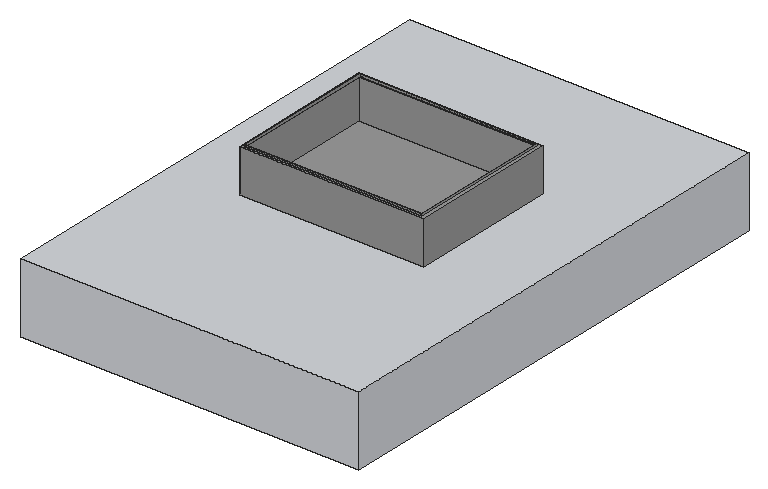
Revit family "Hager-Univers-IP30-D205-H650-Cl.II-Encl-CH-fr", category Equipement électrique, Revit 2020
Family settings
  Hôte = Face
  Configuration du panneau = Deux colonnes, circuits au sein
  Cote de connecteur circulaire = Utiliser le diamètre
  Type d'élément = Tableau de raccordement
  Couper avec des vides une fois chargée = Non
  Partagée = Non
  Point de calcul de pièce = Non
Parameters (values of type "saillie IP30 L800 H650 P205  - FP43Q1S")
  Width Control [instance] = if([EF000008 - largeur] > Min Width, [EF000008 - largeur], Min Width)  # 800 mm
  Commentaires du type = [HG000003 - Gamme]  # "Univers"
  Thickness Door [instance] = if([EF009171 - épaisseur de matériau de la porte/du couvercle] > 3 mm, 3 mm, [EF009171 - épaisseur de matériau de la porte/du couvercle])  # 1 mm
  Seal Frame Offset [instance] = 17 mm  # constant formula
  Plinth Visibility [instance] = [HG000027 - Hauteur du socle] > 0 mm  # no
  Model = ""
  Min Width [instance] = 100 mm  # constant formula
  Min Height [instance] = 100 mm  # constant formula
  Min Depth [instance] = (2 * [EF009170 - épaisseur de matériau du boîtier]) + 1 mm  # 3 mm
  Internal Frame Depth [instance] = (Door System Depth * 0.5)  # 9 mm
  Height Control [instance] = if([EF000040 - hauteur] > Min Height, [EF000040 - hauteur], Min Height)  # 650 mm
  HG000027 - Hauteur du socle = 0 mm
  HG000026 - Installation au sol = no
  HG000024 - Hauteur de la section basse = 800 mm
  HG000023 - Armoire double section = no
  HG000016 - Visibilité de la porte 3D [instance] = yes
  HG000015 - Visibilité de l'emprise de la porte [instance] = no
  HG000014 - Porte à droite [instance] = yes
  HG000013 - Porte à gauche [instance] = not([HG000014 - Porte à droite])  # no
  HG000012 - Angle de pivotement de la porte [instance] = 30.00°
  HG000010 - Portes asymétriques = no
  HG000009 - Porte à double battant = no
  HG000006 - Encastré = no
  HG000004 - Référence fabricant = "FP43Q1S"
  HG000003 - Gamme = "Univers"
  HG000002 - avec porte = no
  Frame Offset Bottom [instance] = 10 mm  # constant formula
  Frame Offset [instance] = 15 mm  # constant formula
  EF015940 - couvercle avec décharge de pression = no
  EF011959 - degré de protection (NEMA) = ""
  EF009554 - nombre d'ouvertures pour plaques à bride = 6
  Fabricant = "Hager"  # constant formula
  EF009212 - finition du couvercle = "EV009916 - avec échancrure"
  EF009171 - épaisseur de matériau de la porte/du couvercle = 1 mm
  EF009170 - épaisseur de matériau du boîtier = 1 mm
  EF008873 - courant nominal (In) = 250 A
  EF007800 - adapté à un parafoudre = no
  EF006306 - avec serrure = no
  EF006244 - couvercle/porte transparent(e) = no
  EF005474 - indice de protection (IP) = "EV006410 - IP30"
  EF004464 - type de porte = "EV000494 - sans"
  EF004427 - nombre de modules = 144
  EF004293 - indice de protection contre les chocs (IK) = "EV006813 - IK07"
  EF003532 - convient pour utilisation à l’extérieur = no
  EF002950 - largeur en nombre de modules = 36
  EF001613 - maintien de fonction = "EV000494 - sans"
  EF001596 - matériau du boîtier/corps = "EV000179 - acier"
  EF001131 - profondeur intérieure = 130 mm
  EF001088 - possibilité de montage en saillie = yes
  EF000437 - nombre d'entrées de conduit = 6
  EF000339 - type de capot = "EV000494 - sans"
  EF000266 - nombre de rangées = 4
  EF000218 - profondeur d'encastrement = 0 mm
  EF000118 - avec cadre/support de montage = no
  EF000116 - numéro RAL = "9010"
  EF000049 - profondeur = 205 mm
  EF000040 - hauteur = 650 mm
  EF000008 - largeur = 800 mm
  EF000007 - couleur = "EV000202 - blanc"
  EF000003 - mode de pose = "EV000384 - saillie"
  Door System Leaf Tolerance [instance] = 1.5 mm  # constant formula
  Door System Depth [instance] = 18 mm  # constant formula
  Door Height [instance] = Height Control - [HG000027 - Hauteur du socle]  # 650 mm
  Depth Control [instance] = if([EF000049 - profondeur] > Min Depth, [EF000049 - profondeur], Min Depth)  # 205 mm
  Default Elevation = 0 mm
  Connector Offset [instance] = Height Control / 2  # 325 mm
  Bottom Top Plate Trim [instance] = 1.5 mm  # constant formula
  Plinth height Ctrl [instance] = if([HG000027 - Hauteur du socle] > 0 mm, [HG000027 - Hauteur du socle], 12 mm)  # 12 mm
Types (5, lengths in mm): name | Width Control | HG000004 - Référence fabricant | EF009554 - nombre d'ouvertures pour plaques à bride | EF004427 - nombre de modules | EF002950 - largeur en nombre de modules | EF000437 - nombre d'entrées de conduit | EF000008 - largeur
  saillie IP30 L1050 H650 P205  - FP44Q1S | 1050 | "FP44Q1S" | 8 | 192 | 48 | 8 | 1050
  saillie IP30 L1300 H650 P205  - FP45Q1S | 1300 | "FP45Q1S" | 10 | 240 | 60 | 10 | 1300
  saillie IP30 L300 H650 P205  - FP41Q1S | 300 | "FP41Q1S" | 2 | 48 | 12 | 2 | 300
  saillie IP30 L550 H650 P205  - FP42Q1S | 550 | "FP42Q1S" | 4 | 96 | 24 | 4 | 550
  saillie IP30 L800 H650 P205  - FP43Q1S | 800 | "FP43Q1S" | 6 | 144 | 36 | 6 | 800
Reference planes
  plane 1 "Center (Front/Back)": y = 0
  plane 2: z = 0
  plane 3 "Center (Left/Right)": x = 0
  plane 4: z = 205
  plane 5: y = 1
  plane 6: y = 325
  plane 7: y = 0
  plane 8: y = 650
  plane 9: z = 0
  plane 10: x = -385
  plane 11: x = 385
  plane 12: x = 384
  plane 13: x = -384
  plane 14: y = 649
  plane 15: x = -383
  plane 16: x = -400
  plane 17: x = 383
  plane 18: x = 400
  plane 19: x = 399
  plane 20: x = -399
  plane 21: y = 11
  plane 22: y = 650
  plane 23: y = 634
  plane 24: z = 187
  plane 25: z = 1
  plane 26: z = 186
  plane 27: z = 204
Forms (mm)
  Extrusion 1, solid
    sketch origin (0, 0, 0) x (1, 0, 0) y (0, 1, 0)
      loop
        line (-702.964, 1305) -> (-702.964, -811.445) -> (766.763, -811.445) -> (766.763, 1305) -> (-702.964, 1305)
    from 0 to -304.8
  Extrusion 2, solid, material "Hager_Steel_RAL7035_Light_Grey", visible <- "Plinth Visibility", detail levels medium+fine
    sketch origin (0, 0, 0) x (1, 0, 0) y (0, 1, 0)
      loop
        line (-400, 0) -> (400, 0) -> (400, 12) -> (-400, 12) -> (-400, 0)
    from 0 to 187
  Extrusion 3, solid, material "Hager_Steel_RAL7035_Light_Grey", detail levels medium+fine
    sketch origin (0, 0, 0) x (1, 0, 0) y (0, 1, 0)
      loop
        line (-400, 0) -> (400, 0) -> (400, 650) -> (-400, 650) -> (-400, 0)
    from 0 to 187
  Extrusion 4, void
    sketch origin (0, 0, 0) x (1, 0, 0) y (0, 1, 0)
      loop
        line (-399, 1) -> (399, 1) -> (399, 649) -> (-399, 649) -> (-399, 1)
    from 1 to 186
  Extrusion 5, void
    sketch origin (-381.607, -4572, 187) x (0, -1, 0) y (-1, 0, 0)
      loop
        line (-4583, 2.393) -> (-5206, 2.393) -> (-5206, -765.607) -> (-4583, -765.607) -> (-4583, 2.393)
    from 0 to 1 <- "EF009170 - épaisseur de matériau du boîtier"
  Extrusion 6, solid, material "Hager_Steel_RAL7035_Light_Grey", detail levels fine
    sketch origin (0, 0, 187) x (1, 0, 0) y (0, 1, 0)
      loop
        line (-384, 634) -> (-384, 11) -> (384, 11) -> (384, 634) -> (-384, 634)
      loop
        line (-385, 10) -> (385, 10) -> (385, 635) -> (-385, 635) -> (-385, 10)
    from 0 to 9 <- "Internal Frame Depth"
  Extrusion 7, solid, material "Hager_Steel_RAL7035_Light_Grey", detail levels coarse
    sketch origin (0, 0, 0) x (1, 0, 0) y (0, 1, 0)
      loop
        line (-400, 0) -> (400, 0) -> (400, 650) -> (-400, 650) -> (-400, 0)
    from 0 to 205
  Sweep 8, void
    path in 3D
      loop
        line (-400, 12, 0) -> (400, 12, 0) -> (400, 12, 187) -> (-400, 12, 187) -> (-400, 12, 0)
    profile origin (-400, 12, 93.5) x (-1, 0, 0) y (0, -1, 0)
      loop
        line (0, 0) -> (0, 1.5) -> (-1.5, 1.5)
        arc (-1.5, 1.5) -> (-1.061, 0.439) -> (0, 0) r 1.5
Cuts and joins
  Extrusion 4, Extrusion 5 cuts Extrusion 3
  Sweep 8 cuts Extrusion 2
Lines and regions (mm)
  Masking region 1
    outline origin (0, 0, 0) x (1, 0, 0) y (0, 0, 1)
      loop
        line (-400, 205) -> (-400, 0) -> (400, 0) -> (400, 205) -> (-400, 205)
  Masking region 2, detail levels medium+fine
    outline origin (0, 140, 0) x (0, 1, 0) y (0, 0, 1)
      loop
        line (-140, 0) -> (510, 0) -> (510, 187) -> (-140, 187) -> (-140, 0)
  Masking region 3, not visible, detail levels medium+fine
    outline origin (0, 297.922, 0) x (0, 1, 0) y (0, 0, 1)
      loop
        line (38.578, 0) -> (78.578, 0) -> (78.578, 194)
        arc (78.578, 194) -> (75.649, 201.071) -> (68.578, 204) r 10
        line (68.578, 204) -> (38.578, 204) -> (38.578, 0)
  Masking region 4, detail levels coarse
    outline origin (0, 0, 180) x (0, 1, 0) y (0, 0, 1)
      loop
        line (0, -180) -> (650, -180) -> (650, 25) -> (0, 25) -> (0, -180)
  Masking region 5, visible <- "Plinth Visibility", detail levels medium+fine
    outline origin (0, 52.24, 12.345) x (0, 0, -1) y (0, 1, 0)
      loop
        line (10.845, -40.24) -> (-173.155, -40.24)
        arc (-173.155, -40.24) -> (-173.594, -41.301) -> (-174.655, -41.74) r 1.5
        line (-174.655, -41.74) -> (-174.655, -52.24) -> (12.345, -52.24) -> (12.345, -41.74)
        arc (12.345, -41.74) -> (11.285, -41.301) -> (10.845, -40.24) r 1.5
  Masking region 6, detail levels medium+fine
    outline origin (-381.607, -4572, 187) x (-1, 0, 0) y (0, -1, 0)
      loop
        line (18.393, -5222) -> (18.393, -4572) -> (-781.607, -4572) -> (-781.607, -5222) -> (18.393, -5222)
  Masking region 7, visible <- "Plinth Visibility", detail levels medium+fine
    outline origin (-381.607, -4727, 187) x (-1, 0, 0) y (0, -1, 0)
      loop
        arc (16.893, -4739) -> (17.332, -4737.939) -> (18.393, -4737.5) r 1.5
        line (18.393, -4737.5) -> (18.393, -4727) -> (-781.607, -4727) -> (-781.607, -4737.5)
        arc (-781.607, -4737.5) -> (-780.546, -4737.939) -> (-780.107, -4739) r 1.5
        line (-780.107, -4739) -> (16.893, -4739)
  Masking region 8, detail levels coarse
    outline origin (-442.548, -4669.526, 187) x (-1, 0, 0) y (0, -1, 0)
      loop
        line (-42.548, -5319.526) -> (-42.548, -4669.526) -> (-842.548, -4669.526) -> (-842.548, -5319.526) -> (-42.548, -5319.526)
  sketch lines
    curve 1: line (-400, 12, 187) -> (-400, 12, 0)
    curve 2: line (400, 12, 187) -> (-400, 12, 187)
    curve 3: line (400, 12, 187) -> (400, 12, 0)
    curve 4: line (-400, 12, 0) -> (400, 12, 0)
Dimensions and locks
  "Depth Control": plane 4 to Extrusion 1
  "HG000027 - Hauteur du socle": plane 1 "Center (Front/Back)" to plane 7
  "EF009170 - épaisseur de matériau du boîtier": plane 5 to plane 7
  locked: connector elem to plane 3 "Center (Left/Right)"
  equal spacing: plane 8, plane 6, plane 7
  locked: connector elem to plane 6
  "EF009170 - épaisseur de matériau du boîtier": plane 8 to plane 14
  "EF009170 - épaisseur de matériau du boîtier": plane 10 to plane 13
  "EF009170 - épaisseur de matériau du boîtier": plane 12 to plane 11
  "Frame Offset": plane 20 to plane 13
  "Frame Offset": plane 12 to plane 19
  "EF009170 - épaisseur de matériau du boîtier": plane 16 to plane 20
  "EF009170 - épaisseur de matériau du boîtier": plane 19 to plane 18
  "Seal Frame Offset": plane 16 to plane 15
  "Seal Frame Offset": plane 17 to plane 18
  "Frame Offset Bottom": plane 21 to plane 5
  "Frame Offset": plane 14 to plane 23
  equal spacing: plane 16, plane 3 "Center (Left/Right)", plane 18
  "Width Control": plane 16 to plane 18
  "EF009170 - épaisseur de matériau du boîtier": plane 4 to plane 27
  "EF009170 - épaisseur de matériau du boîtier": plane 24 to plane 26
  "EF009170 - épaisseur de matériau du boîtier": plane 25 to level
  "Door System Depth": plane 4 to plane 24
  "Height Control": plane 1 "Center (Front/Back)" to Extrusion 7 sketch curve
  "Height Control": Masking region 4 sketch curve to plane 1 "Center (Front/Back)"
  "Height Control": plane 1 "Center (Front/Back)" to plane 22
  "Bottom Top Plate Trim": profile plane to Sweep 8 sketch curve
  "Bottom Top Plate Trim": Sweep 8 sketch curve to profile plane
  "Plinth height Ctrl": plane 1 "Center (Front/Back)" to Extrusion 2 sketch curve
  "Plinth height Ctrl": Masking region 5 sketch curve to plane 1 "Center (Front/Back)"
  "Plinth height Ctrl": plane 1 "Center (Front/Back)" to Masking region 7 sketch curve
  "Thickness Door": Extrusion 6 sketch curve to Extrusion 6 sketch curve  (x3)
  "Thickness Door": cut or joined group of Extrusion 3, Extrusion 4, Extrusion 5 to Extrusion 6 sketch curve
  radius of Masking region 3 sketch curve = 10 mm
  "Bottom Top Plate Trim": radius of Masking region 5 sketch curve  (x2)
  "Bottom Top Plate Trim": radius of Sweep 8 sketch curve
  "Bottom Top Plate Trim": radius of Masking region 7 sketch curve  (x2)
  aligned and locked: plane 2 to Extrusion 1
  aligned and locked: level to Extrusion 1
  aligned and locked: level to Masking region 1 sketch curve
  aligned and locked: Masking region 1 sketch curve to plane 18
  aligned and locked: Masking region 1 sketch curve to plane 16
  aligned and locked: plane 7 to Masking region 2 sketch curve
  aligned and locked: level to Masking region 3 sketch curve
  aligned and locked: Masking region 3 sketch curve to plane 27
  aligned and locked: level to Masking region 2 sketch curve
  aligned and locked: plane 1 "Center (Front/Back)" to Extrusion 2 sketch curve
  aligned and locked: Extrusion 3 sketch curve to plane 7
  aligned and locked: plane 16 to Extrusion 3 sketch curve
  aligned and locked: plane 18 to Extrusion 3 sketch curve
  aligned and locked: plane 20 to Extrusion 4 sketch curve
  aligned and locked: plane 19 to Extrusion 4 sketch curve
  aligned and locked: Extrusion 4 sketch curve to plane 5
  aligned and locked: Extrusion 4 to plane 25
  aligned and locked: plane 26 to Extrusion 4
  aligned and locked: plane 24 to Extrusion 3
  aligned and locked: Extrusion 5 sketch curve to plane 21
  aligned and locked: Extrusion 5 sketch curve to plane 13
  aligned and locked: Extrusion 5 sketch curve to plane 12
  aligned and locked: plane 18 to Extrusion 7 sketch curve
  aligned and locked: plane 1 "Center (Front/Back)" to Extrusion 7 sketch curve
  aligned and locked: plane 16 to Extrusion 7 sketch curve
  aligned and locked: plane 4 to Extrusion 7
  aligned and locked: Extrusion 7 to level
  aligned and locked: level to Masking region 4 sketch curve
  aligned and locked: Masking region 4 sketch curve to plane 1 "Center (Front/Back)"
  aligned and locked: Masking region 4 sketch curve to plane 4
  aligned and locked: nested 1 to level
  aligned and locked: nested 1 to plane 16
  aligned and locked: plane 8 to Extrusion 3 sketch curve
  aligned and locked: plane 23 to Extrusion 5 sketch curve
  aligned and locked: plane 14 to Extrusion 4 sketch curve
  aligned and locked: Masking region 2 sketch curve to plane 8
  aligned and locked: level to Masking region 5 sketch curve
  aligned and locked: plane 16 to Extrusion 2 sketch curve
  aligned and locked: plane 18 to Extrusion 2 sketch curve
  aligned and locked: Masking region 5 sketch curve to plane 24
  aligned and locked: Masking region 2 sketch curve to plane 24
  aligned and locked: plane 24 to Extrusion 2
  aligned and locked: profile plane to Sweep 8 sketch curve  (x2)
  aligned and locked: Masking region 6 sketch curve to plane 18
  aligned and locked: Masking region 6 sketch curve to plane 22
  aligned and locked: Masking region 6 sketch curve to plane 16
  aligned and locked: plane 8 to plane 22
  aligned and locked: Masking region 6 sketch curve to plane 7
  aligned and locked: Masking region 7 sketch curve to plane 16
  aligned and locked: Masking region 7 sketch curve to plane 1 "Center (Front/Back)"
  aligned and locked: Masking region 7 sketch curve to plane 18
  aligned and locked: Masking region 8 sketch curve to plane 1 "Center (Front/Back)"
  aligned and locked: Masking region 8 sketch curve to plane 18
  aligned and locked: Masking region 8 sketch curve to plane 22
  aligned and locked: Masking region 8 sketch curve to plane 16
  aligned and locked: nested 2 to plane 7
  aligned and locked: plane 3 "Center (Left/Right)" to nested 2
  aligned and locked: nested 2 to plane 24
  aligned and locked: Extrusion 6 sketch curve to cut or joined group of Extrusion 3, Extrusion 4, Extrusion 5  (x4)
Automatic sketch dimensions
  Extrusion 1 sketch curve to Extrusion 1 sketch curve = 1469.727 mm
  Extrusion 1 sketch curve to Extrusion 1 sketch curve = 2116.445 mm
  Masking region 1 sketch curve to plane 4 = 0 mm
  plane 6 to Masking region 3 sketch curve = 11.5 mm
  Masking region 3 sketch curve to Masking region 3 sketch curve = 30 mm
  Masking region 5 sketch curve to plane 1 "Center (Front/Back)" = 0 mm
Nested families
  nested 1: "Hager_Enclosure_Symbol" at (-400, 0, 0) x (1, 0, 0) z (0, -1, 0), Height <- "Depth Control", Width <- "Width Control", type "Hager_Enclosure_Symbol"
    with Width_Ctrl 800 mm, Width 800 mm, Height_Ctrl 205 mm, Height 205 mm, A_Width_Int 13.453 mm, A_Width 161.438 mm, A_Height_Ctrl 179.375 mm, A_Height 179.375 mm
  nested 2: "EC000058_Univers_Door" at (0, 0, 187) x (1, 0, 0) z (0, 1, 0), Leaf_Tolerance <- "Door System Leaf Tolerance", Angle <- "HG000012 - Angle de pivotement de la porte", Door_Depth <- "Door System Depth", Door_Left <- "HG000013 - Porte à gauche", Transparent <- "EF006244 - couvercle/porte transparent(e)", Assymetrical <- "HG000010 - Portes asymétriques", Width <- "Width Control", Clearance <- "HG000015 - Visibilité de l'emprise de la porte", Double <- "HG000009 - Porte à double battant", 3d_Door <- "HG000016 - Visibilité de la porte 3D", Lock_Visibility <- "EF006306 - avec serrure", Width_Ctrl <- "Width Control", Door_Right <- "HG000014 - Porte à droite", Door <- "HG000002 - avec porte", Height <- "Door Height", Thickness <- "Thickness Door", type "EC000058_Univers_Door", detail levels medium+fine
    with min_wh 3 mm, Width_Ctrl 800 mm, Width 800 mm, Transparent no, Thickness 1 mm, Seal_Material Hager_Rubber, Lock_Visibility no, Lock_Material Hager_Plastic_RAL9005_Jet_Black, Leaf_Width 800 mm, Leaf_Tolerance_External_Sides 0 mm, Leaf_Tolerance 1.5 mm, Leaf_Offset 0 mm, Leaf_Height 647 mm, Leaf_2_Width 800 mm, Leaf_2_Offset 400 mm, Leaf_1_Width 800 mm, Leaf_1_Offset 400 mm, Height_Ctrl 650 mm, Height 650 mm, Glass_Material Hager_Glass, Double_Clearance_Ctrl no, Double no, Door_Right_Ctrl no, Door_Right yes, Door_Material Hager_Steel_RAL7035_Light_Grey, Door_Left_Ctrl no, Door_Left no, Door_Depth 18 mm, Door no, Clearance_Material Hager_Clearance, Clearance_Depth 800 mm, Clearance_Ctrl no, Clearance no, Assymetrical no, Angle 30.00°, 3d_Door yes
Connectors
  electrical at (0, 325, 0)
    settings: on plane 9, index 1, voltage 0 V, apparent load 0 VA, apparent load phase1 0 VA, apparent load phase2 0 VA, apparent load phase3 0 VA, power factor 1, load classification "Other", number of poles 1, system type 30, power factor state 1, is connector primary yes, connector utility no, sub classification motor no, connector description ""
Definition of nested family "Hager_Enclosure_Symbol"
  Parameters (values of type "Hager_Enclosure_Symbol")
    Width_Ctrl [instance] = if(Width > 1 mm, Width, 1 mm)  # 102.27 mm
    Width [instance] = 102.27 mm
    Height_Ctrl [instance] = if(Height > 1 mm, Height, 1 mm)  # 66.5 mm
    A_Width_Int [instance] = if(A_Width / 12 > 2 mm, A_Width / 12, 2 mm)  # 4.364 mm
    A_Width [instance] = if(A_Height_Ctrl * 0.9 > 2 mm, A_Height_Ctrl * 0.9, 2 mm)  # 52.369 mm
    A_Height_Ctrl [instance] = if(A_Height > 2 mm, A_Height, 2 mm)  # 58.188 mm
    Height [instance] = 66.5 mm
    A_Height [instance] = Height - (Height / 8)  # 58.188 mm
  Reference planes
    plane 1 "Centre (avant/arrière)": y = 0
    plane 2: z = 0
    plane 3 "Centre (gauche/droite)": x = 0
    plane 4: x = 52.369
    plane 5: y = 33.042
    plane 6: y = 41.77
    plane 7: y = 66.5
    plane 8: x = 26.184
    plane 9: y = 37.406
    plane 10: x = 102.27
    plane 11: y = 66.5
    plane 12: y = 8.313
  Lines and regions (mm)
    Filled region 1, type "Solid_Black", in view "Niveau de réf."
      outline origin (0, 0, 0) x (1, 0, 0) y (0, 1, 0)
        loop
          line (52.369, 66.5) -> (33.188, 54.536) -> (45.365, 45.006) -> (52.369, 66.5)
    Filled region 2, type "Solid_Black", in view "Niveau de réf."
      outline origin (0, 0, 0) x (1, 0, 0) y (0, 1, 0)
        loop
          line (0, 0) -> (102.27, 0) -> (102.27, 66.5) -> (0, 0)
    detail lines, in view "Niveau de réf."
      curve 1: line (0, 8.313, 0) -> (26.184, 41.77, 0)
      curve 2: line (26.184, 41.77, 0) -> (26.184, 33.042, 0)
      curve 3: line (26.184, 33.042, 0) -> (52.369, 66.5, 0)
  Dimensions and locks
    "A_Width": plane 3 "Centre (gauche/droite)" to plane 4
    equal spacing: plane 3 "Centre (gauche/droite)", plane 8, plane 4
    equal spacing: plane 6, plane 9, plane 5
    equal spacing: curve 3, Filled region 1 sketch curve, Filled region 1 sketch curve
    "Height_Ctrl": plane 1 "Centre (avant/arrière)" to plane 11
    "A_Height_Ctrl": plane 11 to plane 12
    equal spacing: plane 11, plane 9, plane 12
    "A_Width_Int": plane 6 to plane 9
    "Width_Ctrl": plane 3 "Centre (gauche/droite)" to plane 10
    angle Filled region 1 sketch curve to curve 3 = 20.00°
    angle curve 3 to Filled region 1 sketch curve = 20.00°
    locked: curve 3 to Filled region 1 sketch curve (angle 90.00°)
    aligned and locked: plane 10 to Filled region 2
    aligned and locked: plane 11 to Filled region 2 sketch curve
    aligned and locked: plane 10 to Filled region 2 sketch curve
    aligned and locked: plane 3 "Centre (gauche/droite)" to curve 1
    aligned and locked: plane 12 to curve 1
    aligned and locked: plane 7 to plane 11
  Automatic sketch dimensions
    Filled region 1 sketch curve to plane 4 = 0 mm
    Filled region 1 sketch curve to plane 7 = 0 mm
    plane 1 "Centre (avant/arrière)" to Filled region 2 sketch curve = 0 mm
    Filled region 2 sketch curve to plane 3 "Centre (gauche/droite)" = 0 mm
    curve 2 to plane 6 = 0 mm
    curve 2 to plane 8 = 0 mm
    curve 3 to plane 4 = 0 mm
    curve 2 to plane 5 = 0 mm
    curve 3 to plane 7 = 0 mm
Definition of nested family "EC000058_Univers_Door"
  Parameters (values of type "EC000058_Univers_Door")
    min_wh [instance] = (2 * Thickness) + 1 mm  # 11 mm
    Width_Ctrl [instance] = 400 mm
    Width [instance] = 500 mm
    Transparent [instance] = yes
    Thickness [instance] = 5 mm
    Seal_Material [instance] = none
    Lock_Visibility [instance] = yes
    Lock_Material [instance] = none
    Leaf_Width [instance] = if((Width_Ctrl - 2 * Leaf_Tolerance_External_Sides) > 0 mm, (Width_Ctrl - 2 * Leaf_Tolerance_External_Sides), min_wh)  # 400 mm
    Leaf_Tolerance_External_Sides [instance] = 0 mm  # constant formula
    Leaf_Tolerance [instance] = 1.5 mm
    Leaf_Offset [instance] = 0 mm  # constant formula
    Leaf_Height [instance] = if((Height_Ctrl - 2 * Leaf_Tolerance) > 0 mm, (Height_Ctrl - 2 * Leaf_Tolerance), min_wh)  # 497 mm
    Leaf_2_Width [instance] = if(and(and(Double, Assymetrical), Door_Left), (Leaf_Width / 3) - (Leaf_Tolerance / 2), if(and(and(Double, Assymetrical), Door_Right), (Leaf_Width / 3) * 2 - (Leaf_Tolerance / 2), if(and(Double, not(Assymetrical)), (Leaf_Width / 2) - Leaf_Tolerance, Leaf_Width)))  # 400 mm
    Leaf_2_Offset [instance] = if(and(Double, Assymetrical), Leaf_2_Width / 2, if(and(Double, not(Assymetrical)), Leaf_Width / 4, Leaf_Width / 2))  # 200 mm
    Leaf_1_Width [instance] = if(and(and(Double, Assymetrical), Door_Right), (Leaf_Width / 3) - (Leaf_Tolerance / 2), if(and(and(Double, Assymetrical), Door_Left), (Width / 3) * 2 - (Leaf_Tolerance / 2), if(and(Double, not(Assymetrical)), (Leaf_Width / 2) - Leaf_Tolerance, Leaf_Width)))  # 400 mm
    Leaf_1_Offset [instance] = if(and(Double, Assymetrical), Leaf_1_Width / 2, if(and(Double, not(Assymetrical)), Leaf_Width / 4, Leaf_Width / 2))  # 200 mm
    Height_Ctrl [instance] = if(Height > min_wh, Height, min_wh)  # 500 mm
    Height [instance] = 500 mm
    Glass_Material [instance] = none
    Double_Clearance_Ctrl [instance] = and(Double, Clearance)  # no
    Double [instance] = no
    Door_Right_Ctrl [instance] = and(or(Door_Right, Double), Door)  # yes
    Door_Right [instance] = yes
    Door_Material [instance] = none
    Door_Left_Ctrl [instance] = and(or(Door_Left, Double), Door)  # no
    Door_Left [instance] = no
    Door_Depth [instance] = 30 mm
    Door [instance] = yes
    Default Elevation = 1219.2 mm
    Clearance_Material [instance] = none
    Clearance_Depth [instance] = if(Leaf_1_Width > Leaf_2_Width, Leaf_1_Width, Leaf_2_Width)  # 400 mm
    Clearance_Ctrl [instance] = and(not(Double), Clearance)  # yes
    Clearance [instance] = yes
    Assymetrical [instance] = yes
    Angle [instance] = 30.00°
    3d_Door [instance] = yes
  Reference planes
    plane 1 "Center (Front/Back)": y = 0
    plane 2 "Bottom": z = 0
    plane 3 "Center (Left/Right)": x = 0
    plane 4: z = 500
    plane 5: x = -200
    plane 6: x = 200
    plane 7: z = 500
    plane 8: x = -200
    plane 9: z = 0
    plane 10: x = 200
    plane 11: y = 0
    plane 12: z = 1.5
    plane 13: x = -600
    plane 14: y = -400
    plane 15: x = 600
    plane 16: x = 0
    plane 17: x = 0
    plane 18: x = -200
    plane 19: x = 200
    plane 20: z = 498.5
  Forms (mm)
    Extrusion 1, solid, material <- "Clearance_Material", visible <- "Double_Clearance_Ctrl"
      sketch origin (1200, 0, 0) x (1, 0, 0) y (0, 0, -1)
        loop
          line (-1800, -498.5) -> (-600, -498.5) -> (-600, 0) -> (-1800, 0) -> (-1800, -498.5)
      from 0 to -400
  Dimensions and locks
    equal spacing: plane 5, plane 3 "Center (Left/Right)", plane 6
    "Width_Ctrl": plane 5 to plane 6
    "Leaf_Offset": plane 5 to plane 8
    "Leaf_Offset": plane 6 to plane 10
    "Leaf_Offset": plane 9 to level
    "Leaf_Offset": plane 4 to plane 7
    "Height_Ctrl": plane 4 to level
    "Leaf_Tolerance": plane 12 to plane 9
    locked: plane 11 to plane 1 "Center (Front/Back)"
    "Leaf_1_Offset": plane 18 to plane 16
    "Leaf_2_Offset": plane 17 to plane 19
    "Leaf_1_Width": plane 13 to plane 8
    "Leaf_2_Width": plane 10 to plane 15
    "Clearance_Depth": plane 14 to plane 1 "Center (Front/Back)"
    "Leaf_Tolerance_External_Sides": plane 8 to plane 18
    "Leaf_Tolerance_External_Sides": plane 19 to plane 10
    "Leaf_Tolerance": plane 7 to plane 20
    aligned and locked: level to plane 2 "Bottom"
    aligned and locked: nested 1 to plane 16
    aligned and locked: nested 2 to plane 17
    aligned and locked: Extrusion 1 to plane 13
    aligned and locked: plane 15 to Extrusion 1
    aligned and locked: Extrusion 1 to plane 14
    aligned and locked: plane 12 to nested 1
    aligned and locked: nested 2 to plane 12
    aligned and locked: Extrusion 1 to plane 11
    aligned and locked: plane 20 to Extrusion 1
    aligned and locked: nested 2 to plane 11
    aligned and locked: nested 1 to plane 11
  Automatic sketch dimensions
    Extrusion 1 sketch curve to level = 0 mm
    plane 5 to Extrusion 1 sketch curve = 400 mm
    plane 6 to Extrusion 1 sketch curve = 400 mm
    Extrusion 1 sketch curve to plane 4 = 1.5 mm
  Nested families
    nested 1: "EC000058_Univers_Door_Leaf" at (0, 0, 1.5), Width <- "Leaf_1_Width", visible <- "Door_Left_Ctrl", Leaf_Height <- "Leaf_Height", Angle <- "Angle", 3d_Door <- "3d_Door", Transparent <- "Transparent", Clearance Material <- "Clearance_Material", Clearance <- "Clearance_Ctrl", Door_Material <- "Door_Material", Glass_Material <- "Glass_Material", Door_Depth <- "Door_Depth", Lock_Material <- "Lock_Material", Seal_Material <- "Seal_Material", Lock_Visibility <- "Lock_Visibility", Thickness <- "Thickness", type "EC000058_Univers_Door_Leaf"
      with Width 400 mm, Transparent_Glass_Offset 30 mm, Transparent_Ctrl yes, Transparent yes, Thickness 5 mm, Standard no, Seal_Material none, Seal_D2 8 mm, Seal_D1 1 mm, Offset_Internal_Frame 10 mm, Lock_Width 20 mm, Lock_Visibility_3d yes, Lock_Visibility yes, Lock_Thickness_3 3 mm, Lock_Thickness_2 1 mm, Lock_Thickness_1 3 mm, Lock_Radius_Offset_2 16 mm, Lock_Radius_Offset_1 15 mm, Lock_Radius_2 5 mm, Lock_Radius 6 mm, Lock_Offset 5 mm, Lock_Material none, Lock_Height 80 mm, Lock_Cover_Top_Offset_2d 17 mm, Lock_Cover_Height -65 mm, Leaf_Height 497 mm, Internal_Seal_Thickness 8 mm, Internal_Seal_Depth_2 4.5 mm, Internal_Frame_Depth 25 mm, Glass_Thickness -1 mm, Glass_Offset -2 mm, Glass_Material none, Door_Material none, Door_Depth 30 mm, Clearance Material none, Clearance yes, Angle_Ctrl 30.00°, Angle 30.00°, 3d_Door yes
    nested 2: "EC000058_Univers_Door_Leaf" at (0, 0, 1.5) x (-1, 0, 0) z (0, 0, 1), Width <- "Leaf_2_Width", visible <- "Door_Right_Ctrl", Leaf_Height <- "Leaf_Height", Angle <- "Angle", 3d_Door <- "3d_Door", Transparent <- "Transparent", Clearance Material <- "Clearance_Material", Clearance <- "Clearance_Ctrl", Door_Material <- "Door_Material", Glass_Material <- "Glass_Material", Door_Depth <- "Door_Depth", Lock_Material <- "Lock_Material", Seal_Material <- "Seal_Material", Lock_Visibility <- "Lock_Visibility", Thickness <- "Thickness", type "EC000058_Univers_Door_Leaf"
      with Width 400 mm, Transparent_Glass_Offset 30 mm, Transparent_Ctrl yes, Transparent yes, Thickness 5 mm, Standard no, Seal_Material none, Seal_D2 8 mm, Seal_D1 1 mm, Offset_Internal_Frame 10 mm, Lock_Width 20 mm, Lock_Visibility_3d yes, Lock_Visibility yes, Lock_Thickness_3 3 mm, Lock_Thickness_2 1 mm, Lock_Thickness_1 3 mm, Lock_Radius_Offset_2 16 mm, Lock_Radius_Offset_1 15 mm, Lock_Radius_2 5 mm, Lock_Radius 6 mm, Lock_Offset 5 mm, Lock_Material none, Lock_Height 80 mm, Lock_Cover_Top_Offset_2d 17 mm, Lock_Cover_Height -65 mm, Leaf_Height 497 mm, Internal_Seal_Thickness 8 mm, Internal_Seal_Depth_2 4.5 mm, Internal_Frame_Depth 25 mm, Glass_Thickness -1 mm, Glass_Offset -2 mm, Glass_Material none, Door_Material none, Door_Depth 30 mm, Clearance Material none, Clearance yes, Angle_Ctrl 30.00°, Angle 30.00°, 3d_Door yes
  Definition of nested family "EC000058_Univers_Door_Leaf"
    Parameters (values of type "EC000058_Univers_Door_Leaf")
      Width [instance] = 2000 mm
      Transparent_Glass_Offset [instance] = 30 mm
      Transparent_Ctrl [instance] = and(Transparent, [3d_Door])  # yes
      Transparent [instance] = yes
      Thickness [instance] = 5 mm
      Standard [instance] = and(not(Transparent), [3d_Door])  # no
      Seal_Material [instance] = none
      Seal_D2 [instance] = 8 mm  # constant formula
      Seal_D1 [instance] = 1 mm  # constant formula
      Offset_Internal_Frame [instance] = 10 mm  # constant formula
      Lock_Width [instance] = 20 mm  # constant formula
      Lock_Visibility_3d [instance] = and(Lock_Visibility, [3d_Door])  # yes
      Lock_Visibility [instance] = yes
      Lock_Thickness_3 [instance] = 3 mm  # constant formula
      Lock_Thickness_2 [instance] = 1 mm  # constant formula
      Lock_Thickness_1 [instance] = 3 mm  # constant formula
      Lock_Radius_Offset_2 [instance] = Lock_Radius_Offset_1 + 1 mm  # 16 mm
      Lock_Radius_Offset_1 [instance] = 15 mm  # constant formula
      Lock_Radius_2 [instance] = Lock_Radius - 1 mm  # 5 mm
      Lock_Radius [instance] = 6 mm  # constant formula
      Lock_Offset [instance] = 5 mm  # constant formula
      Lock_Material [instance] = none
      Lock_Height [instance] = 80 mm  # constant formula
      Lock_Cover_Top_Offset_2d [instance] = Lock_Radius_Offset_2 + 1 mm  # 17 mm
      Lock_Cover_Height [instance] = -(Lock_Height - Lock_Radius_Offset_1)  # -65 mm
      Leaf_Height [instance] = 2720.336 mm
      Internal_Seal_Thickness [instance] = 8 mm  # constant formula
      Internal_Seal_Depth_2 [instance] = 4.5 mm  # constant formula
      Internal_Frame_Depth [instance] = if(Door_Depth - Thickness > 5 mm, Door_Depth - Thickness, 5 mm)  # 25 mm
      Glass_Thickness [instance] = if(Thickness > 15 mm, Glass_Offset + 10 mm, -1 mm)  # -1 mm
      Glass_Offset [instance] = if(Thickness > 15 mm, -(Thickness + 10 mm) / 2, -2 mm)  # -2 mm
      Glass_Material [instance] = none
      Door_Material [instance] = none
      Door_Depth [instance] = 30 mm
      Default Elevation = 0 mm
      Clearance Material [instance] = none
      Clearance [instance] = yes
      Angle_Ctrl [instance] = if(Angle > 180.00°, 180.00°, Angle)  # 90.00°
      Angle [instance] = 90.00°
      3d_Door [instance] = yes
    Reference planes
      plane 1 "Center (Front/Back)": y = 0
      plane 2: z = 0
      plane 3 "Center (Left/Right)": x = 0
      plane 4: y = 2000
      plane 5: x = -1000
      plane 6: x = 1000
      plane 7: x = -3000
      plane 8: z = 2720.336
      plane 9: z = 30
      plane 10: z = 2690.336
      plane 11: x = 970
      plane 12: x = -970
      plane 13: y = -3
      plane 14: z = 107.833
      plane 15: y = -5
      plane 16: y = -223.314
      plane 17: x = -1000
      plane 18: z = 1360.168
      plane 19: y = 30
    Forms (mm)
      Extrusion 1, solid, material <- "Clearance Material", visible <- "Clearance"
        sketch origin (0, 0, 0) x (1, 0, 0) y (0, 0, 1)
          loop
            line (-3000, 2720.336) -> (-3000, 0) -> (1000, 0) -> (1000, 2720.336) -> (-3000, 2720.336)
        from 0 to -2000
      Extrusion 2, solid, material <- "Door_Material", visible <- "Standard", detail levels medium+fine
        sketch origin (-1000, 0, 0) x (0, 1, 0) y (-1, 0, 0)
          loop
            line (0, 30) -> (0, 25) -> (2000, 25) -> (2000, 30) -> (0, 30)
        from 0 to 2720.336 <- "Leaf_Height"
      Extrusion 3, solid, material <- "Door_Material", visible <- "Transparent_Ctrl", detail levels medium+fine
        sketch origin (-1000, 0, 0) x (0, 1, 0) y (-1, 0, 0)
          loop
            line (0, 25) -> (2000, 25) -> (2000, 30) -> (0, 30) -> (0, 25)
        from 0 to 2720.336 <- "Leaf_Height"
      Extrusion 4, void
        sketch origin (-1025, 2000, 0) x (0, 1, 0) y (0, 0, -1)
          loop
            line (-30, -2690.336) -> (-30, -30) -> (-1970, -30) -> (-1970, -2690.336) -> (-30, -2690.336)
        from 0 to 5 <- "Thickness"
      Sweep 5, solid, material <- "Seal_Material", visible <- "Transparent_Ctrl", detail levels fine
        path in 3D
          loop
            line (-1025, 30, 30) -> (-1025, 30, 2690.336) -> (-1025, 1970, 2690.336) -> (-1025, 1970, 30) -> (-1025, 30, 30)
        profile origin (-1025, 1000, 30) x (1, 0, 0) y (0, 0, 1)
          loop
            line (0, 0) -> (0, -8) -> (1, -8) -> (1, 0) -> (0, 0)
      Extrusion 6, solid, material <- "Glass_Material", visible <- "Transparent_Ctrl", detail levels medium+fine
        sketch origin (-1030, 0, 0) x (0, 1, 0) y (0, 0, -1)
          loop
            line (1970, -2690.336) -> (1970, -30) -> (30, -30) -> (30, -2690.336) -> (1970, -2690.336)
        from -2 <- "Glass_Offset" to -1 <- "Glass_Thickness"
      Extrusion 7, solid, material <- "Door_Material", visible <- "3d_Door", detail levels medium+fine
        sketch origin (-1025, 2000, 0) x (0, -1, 0) y (0, 0, -1)
          loop
            line (0, -2720.336) -> (2000, -2720.336) -> (2000, 0) -> (0, 0) -> (0, -2720.336)
          loop
            line (1995, -5) -> (5, -5) -> (5, -2715.336) -> (1995, -2715.336) -> (1995, -5)
        from 0 to 25 <- "Internal_Frame_Depth"
      Sweep 8, solid, material <- "Seal_Material", visible <- "Transparent_Ctrl", detail levels fine
        path in 3D
          loop
            line (-1025, 0, 0) -> (-1025, 2000, 0) -> (-1025, 2000, 2720.336) -> (-1025, 0, 2720.336) -> (-1025, 0, 0)
        profile origin (-1025, 0, 1360.168) x (1, 0, 0) y (0, 1, 0)
          loop
            line (0, 10) -> (2.975, 10)
            arc (2.975, 10) -> (4.053, 10.447) -> (4.5, 11.525) r 1.525
            line (4.5, 11.525) -> (4.5, 16.527)
            arc (4.5, 16.527) -> (4.069, 17.569) -> (3.027, 18) r 1.473
            line (3.027, 18) -> (0, 18) -> (0, 10)
      Extrusion 9, solid, material <- "Lock_Material", visible <- "Lock_Visibility_3d", detail levels fine
        sketch origin (-1030, 0, 0) x (0, 1, 0) y (0, 0, -1)
          loop
            arc (1993.5, -1400.168) -> (1994.561, -1399.729) -> (1995, -1398.668) r 1.5
            line (1995, -1398.668) -> (1995, -1320.168) -> (1975, -1320.168) -> (1975, -1398.668)
            arc (1975, -1398.668) -> (1975.439, -1399.729) -> (1976.5, -1400.168) r 1.5
            line (1976.5, -1400.168) -> (1993.5, -1400.168)
        from 3 <- "Lock_Thickness_1" to 0
      Blend 10, solid, material <- "Lock_Material", visible <- "Lock_Visibility_3d", detail levels fine
        base sketch origin (-1033, 0, 0) x (0, 1, 0) y (0, 0, -1)
          loop
            line (1975, -1320.168) -> (1975, -1398.668)
            arc (1975, -1398.668) -> (1975.439, -1399.729) -> (1976.5, -1400.168) r 1.5
            line (1976.5, -1400.168) -> (1993.5, -1400.168)
            arc (1993.5, -1400.168) -> (1994.561, -1399.729) -> (1995, -1398.668) r 1.5
            line (1995, -1398.668) -> (1995, -1320.168) -> (1975, -1320.168)
        top sketch origin (-1033, 0, 0) x (0, 1, 0) y (0, 0, -1)
          loop
            line (1976, -1320.168) -> (1976, -1398.668)
            arc (1976, -1398.668) -> (1976.146, -1399.022) -> (1976.5, -1399.168) r 0.5
            line (1976.5, -1399.168) -> (1993.5, -1399.168)
            arc (1993.5, -1399.168) -> (1993.854, -1399.022) -> (1994, -1398.668) r 0.5
            line (1994, -1398.668) -> (1994, -1320.168) -> (1976, -1320.168)
        from 0 to 1 <- "Lock_Thickness_2"
      Blend 11, solid, material <- "Lock_Material", visible <- "Lock_Visibility_3d", detail levels fine
        base sketch origin (-1034, 0, 0) x (0, 1, 0) y (0, 0, -1)
          loop
            line (1978, -1320.168) -> (1978, -1384.168)
            arc (1978, -1384.168) -> (1985, -1391.168) -> (1992, -1384.168) r 7
            line (1992, -1384.168) -> (1992, -1320.168) -> (1978, -1320.168)
        top sketch origin (-1034, 0, 0) x (0, 1, 0) y (0, 0, -1)
          loop
            line (1991, -1320.168) -> (1979, -1320.168) -> (1979, -1383.168)
            arc (1979, -1383.168) -> (1985, -1389.168) -> (1991, -1383.168) r 6
            line (1991, -1383.168) -> (1991, -1320.168)
        from 0 to 3 <- "Lock_Thickness_3"
      Extrusion 12, solid, material <- "Lock_Material", visible <- "Lock_Visibility_3d", detail levels fine
        sketch origin (-1030, 1975, 1320.168) x (1, 0, 0) y (0, -1, 0)
          loop
            line (-7, -19) -> (-7, -1) -> (0, -1) -> (0, 0) -> (-8, 0) -> (-8, -20) -> (0, -20) -> (0, -19) -> (-7, -19)
        from 0 to -65 <- "Lock_Cover_Height"
      Extrusion 13, void
        sketch origin (-1038, 1995, 1320.168) x (-1, 0, 0) y (0, 0, -1)
          loop
            line (-5, -65) -> (0, -65) -> (-5, -60) -> (-5, -65)
        from 0 to 20 <- "Lock_Width"
      Extrusion 14, void
        sketch origin (-1038, 1975, 1320.168) x (0, -1, 0) y (0, 0, -1)
          loop
            circle (-10, -15.995) r 6
          loop
            circle (-10, -15.995) r 5
        from 0 to 2
      Extrusion 15, solid, material <- "Lock_Material", visible <- "Lock_Visibility_3d", detail levels medium
        sketch origin (-1030, 0, 0) x (0, 1, 0) y (0, 0, -1)
          loop
            arc (1993.5, -1400.168) -> (1994.561, -1399.729) -> (1995, -1398.668) r 1.5
            line (1995, -1398.668) -> (1995, -1320.168) -> (1975, -1320.168) -> (1975, -1398.668)
            arc (1975, -1398.668) -> (1975.439, -1399.729) -> (1976.5, -1400.168) r 1.5
            line (1976.5, -1400.168) -> (1993.5, -1400.168)
        from 8 to 0
    Cuts and joins
      Extrusion 4 cuts Extrusion 3
      Extrusion 13, Extrusion 14 cuts Extrusion 9
      Extrusion 14 cuts Blend 11
      Extrusion 13, Extrusion 14 cuts Extrusion 12
      joined: Extrusion 9, Blend 10, Blend 11, Extrusion 12
      Extrusion 14 cuts Extrusion 15
    Lines and regions (mm)
      Masking region 1, visible <- "Lock_Visibility", detail levels fine
        outline origin (0, 0, 0) x (0, 1, 0) y (0, 0, 1)
          loop
            line (30, 1320.168) -> (33, 1320.168) -> (33, 1400.168) -> (30, 1400.168) -> (30, 1320.168)
      Masking region 2, visible <- "Lock_Visibility", detail levels fine
        outline origin (0, 3.143, 0) x (0, 1, 0) y (0, 0, 1)
          loop
            line (29.857, 1354.168) -> (30.857, 1354.168) -> (30.857, 1366.168) -> (29.857, 1366.168) -> (29.857, 1354.168)
      Masking region 3, detail levels medium+fine
        outline origin (0, 0, 0) x (0, 1, 0) y (0, 0, 1)
          loop
            line (0, 0) -> (30, 0) -> (30, 2720.336) -> (0, 2720.336) -> (0, 0)
      Masking region 4, detail levels medium+fine
        outline origin (0, 0, 0) x (1, 0, 0) y (0, 0, 1)
          loop
            line (-1000, 2720.336) -> (-1000, 0) -> (1000, 0) -> (1000, 2720.336) -> (-1000, 2720.336)
      Masking region 5, visible <- "Lock_Visibility", detail levels fine
        outline origin (-47.116, 0, 0) x (1, 0, 0) y (0, 0, 1)
          loop
            arc (1024.616, 1399.168) -> (1023.556, 1398.729) -> (1023.116, 1397.668) r 1.5
            line (1023.116, 1397.668) -> (1023.116, 1320.168) -> (1041.116, 1320.168) -> (1041.116, 1397.668)
            arc (1041.116, 1397.668) -> (1040.677, 1398.729) -> (1039.616, 1399.168) r 1.5
            line (1039.616, 1399.168) -> (1024.616, 1399.168)
      Masking region 6, visible <- "Lock_Visibility", detail levels medium+fine
        outline origin (-25, 0, 0) x (1, 0, 0) y (0, 0, 1)
          loop
            arc (1001.5, 1400.168) -> (1000.439, 1399.729) -> (1000, 1398.668) r 1.5
            line (1000, 1398.668) -> (1000, 1320.168) -> (1020, 1320.168) -> (1020, 1398.668)
            arc (1020, 1398.668) -> (1019.561, 1399.729) -> (1018.5, 1400.168) r 1.5
            line (1018.5, 1400.168) -> (1001.5, 1400.168)
      Masking region 7, visible <- "Lock_Visibility", detail levels fine
        outline origin (-73.735, 0, 0) x (1, 0, 0) y (0, 0, 1)
          loop
            line (1051.735, 1382.168) -> (1065.735, 1382.168) -> (1065.735, 1384.168)
            arc (1065.735, 1384.168) -> (1058.735, 1391.168) -> (1051.735, 1384.168) r 7
            line (1051.735, 1384.168) -> (1051.735, 1382.168)
      Masking region 8, visible <- "Lock_Visibility", detail levels fine
        outline origin (-73.735, 0, 0) x (1, 0, 0) y (0, 0, 1)
          loop
            line (1052.735, 1382.168) -> (1064.735, 1382.168) -> (1064.735, 1383.168)
            arc (1064.735, 1383.168) -> (1058.735, 1389.168) -> (1052.735, 1383.168) r 6
            line (1052.735, 1383.168) -> (1052.735, 1382.168)
      Masking region 9, visible <- "Lock_Visibility", detail levels fine
        outline origin (-25, 0, 0) x (1, 0, 0) y (0, 0, 1)
          loop
            line (1020, 1320.168) -> (1020, 1382.168) -> (1000, 1382.168) -> (1000, 1320.168) -> (1020, 1320.168)
      Masking region 10, detail levels medium+fine
        outline origin (0, 0, 0) x (1, 0, 0) y (0, 0, 1)
          loop
            circle (985, 1335.144) r 6
      Masking region 11, detail levels fine
        outline origin (0, 0, 0) x (1, 0, 0) y (0, 0, 1)
          loop
            circle (985, 1335.144) r 5
      Masking region 12, visible <- "Lock_Visibility", detail levels fine
        outline origin (0, 12.767, 0) x (0, 1, 0) y (0, 0, 1)
          loop
            line (20.233, 1320.168) -> (21.233, 1320.168) -> (21.233, 1399.168) -> (20.233, 1400.168) -> (20.233, 1320.168)
      Masking region 13, visible <- "Lock_Visibility", detail levels fine
        outline origin (0, 13.767, -10) x (0, 1, 0) y (0, 0, 1)
          loop
            line (20.233, 1330.168) -> (23.233, 1330.168) -> (23.233, 1399.168) -> (20.233, 1402.168) -> (20.233, 1330.168)
      Masking region 14, visible <- "Lock_Visibility", detail levels fine
        outline origin (0, 12.767, -10) x (0, 1, 0) y (0, 0, 1)
          loop
            line (20.233, 1330.168) -> (25.233, 1330.168) -> (25.233, 1399.305) -> (20.233, 1394.305) -> (20.233, 1330.168)
      Masking region 15, visible <- "Lock_Visibility", detail levels medium
        outline origin (0, 0, 0) x (0, 1, 0) y (0, 0, 1)
          loop
            line (30, 1320.168) -> (38, 1320.168) -> (38, 1400.168) -> (30, 1400.168) -> (30, 1320.168)
      Masking region 16, visible <- "Lock_Visibility", detail levels fine
        outline origin (-1000, 0, 0) x (0, 1, 0) y (-1, 0, 0)
          loop
            line (1975, 30) -> (1995, 30) -> (1995, 38) -> (1975, 38) -> (1975, 30)
          loop
            line (1979, 37) -> (1976, 37) -> (1976, 34) -> (1978, 34) -> (1979, 37)
          loop
            line (1994, 37) -> (1991, 37) -> (1992, 34) -> (1994, 34) -> (1994, 37)
      Masking region 17, visible <- "Lock_Visibility", detail levels medium
        outline origin (-1000, 0, 0) x (0, 1, 0) y (-1, 0, 0)
          loop
            line (1975, 30) -> (1995, 30) -> (1995, 38) -> (1975, 38) -> (1975, 30)
      symbolic lines
        curve 1: line (1000, 0, 0) -> (-3000, 0, 0)
        curve 2: arc (1000, 0, 0) -> (-1000, 2000, 0) -> (-3000, 0, 0) r 2000
        curve 4: line (-1030, 0, 0) -> (-1030, 2000, 0)
      reference lines
        curve 3: line (-1000, 0, 0) -> (-1000, 2000, 0)
      symbolic lines, detail levels medium+fine
        curve 5: line (-1030, 2000, 0) -> (-1025, 2000, 0)
        curve 7: line (-1025, 0, 0) -> (-1030, 0, 0)
        curve 8: line (-1025, 0, 0) -> (-1000, 0, 0)
        curve 9: line (-1000, 0, 0) -> (-1000, 2000, 0)
        curve 10: line (-1000, 2000, 0) -> (-1025, 2000, 0)
      symbolic lines, detail levels fine
        curve 6: line (-1025, 2000, 0) -> (-1025, 0, 0)
      sketch lines
        curve 11: line (-1025, 0, 2720.336) -> (-1025, 0, 0)
        curve 12: line (-1025, 2000, 0) -> (-1025, 0, 0)
        curve 13: line (-1025, 2000, 2720.336) -> (-1025, 2000, 0)
        curve 14: line (-1025, 0, 2720.336) -> (-1025, 2000, 2720.336)
        curve 15: line (-1025, 1970, 30) -> (-1025, 30, 30)
        curve 16: line (-1025, 30, 30) -> (-1025, 30, 2690.336)
        curve 17: line (-1025, 1970, 2690.336) -> (-1025, 1970, 30)
        curve 18: line (-1025, 30, 2690.336) -> (-1025, 1970, 2690.336)
      symbolic lines, visible <- "Transparent", detail levels medium+fine
        curve 19: line (-970, 0, 2690.336) -> (970, 0, 2690.336)
        curve 20: line (-970, 0, 30) -> (-970, 0, 2690.336)
        curve 21: line (970, 0, 30) -> (-970, 0, 30)
        curve 22: line (970, 0, 2690.336) -> (970, 0, 30)
    Dimensions and locks
      "Width": plane 1 "Center (Front/Back)" to plane 4
      equal spacing: plane 5, plane 3 "Center (Left/Right)", plane 6
      "Width": plane 5 to plane 6
      "Width": plane 7 to plane 5
      "Leaf_Height": plane 8 to level
      "Width": curve 5 to curve 3
      "Width": curve 3 to curve 3
      plane 8 to plane 10 = 30 mm
      plane 9 to level = 30 mm
      plane 12 to plane 5 = 30 mm
      plane 6 to plane 11 = 30 mm
      Extrusion 1 to Extrusion 4 sketch curve = 30 mm
      "Transparent_Glass_Offset": curve 3 to Extrusion 4 sketch curve
      "Transparent_Glass_Offset": Extrusion 4 sketch curve to cut or joined group of Extrusion 3, Extrusion 4  (x2)
      cut or joined group of Extrusion 3, Extrusion 4 to Extrusion 6 sketch curve = 30 mm
      "Transparent_Glass_Offset": cut or joined group of Extrusion 3, Extrusion 4 to Extrusion 4 sketch curve
      "Thickness": curve 6 to curve 4
      "Thickness": Extrusion 7 sketch curve to Extrusion 7 sketch curve  (x4)
      "Door_Depth": curve 4 to curve 3
      "Offset_Internal_Frame": profile plane to Sweep 8 sketch curve
      "Internal_Seal_Thickness": Sweep 8 sketch curve to Sweep 8 sketch curve
      "Internal_Seal_Depth_2": profile plane to Sweep 8 sketch curve
      "Seal_D1": profile plane to Sweep 5 sketch curve
      "Seal_D2": profile plane to Sweep 5 sketch curve
      "Thickness": Extrusion 2 sketch curve to Extrusion 2 sketch curve
      equal spacing: Extrusion 9 sketch curve, plane 18, Extrusion 9 sketch curve  (x2)
      equal spacing: Masking region 1 sketch curve, plane 18, Masking region 1 sketch curve
      "Lock_Height": Masking region 1 sketch curve to Masking region 1 sketch curve
      "Lock_Radius": Masking region 2 sketch curve to plane 18 to Masking region 2 sketch curve
      Masking region 2 sketch curve to Masking region 1 = 1 mm
      "Door_Depth": plane 19 to plane 1 "Center (Front/Back)"
      "Lock_Thickness_1": Masking region 1 sketch curve to plane 19
      "Lock_Width": Extrusion 9 sketch curve to Extrusion 9 sketch curve
      "Lock_Height": Extrusion 9 sketch curve to Extrusion 9 sketch curve
      "Lock_Offset": cut or joined group of Extrusion 3, Extrusion 4 to Extrusion 9 sketch curve
      equal spacing: plane 8, plane 18, level
      "Lock_Radius_Offset_1": Blend 11 sketch curve to Blend 10
      locked: Blend 10 to Blend 11 sketch curve at 2  (x2)
      locked: var sketch to Blend 11 sketch curve at 1  (x2)
      "Lock_Radius_Offset_2": Blend 11 sketch curve to Blend 10
      locked: Extrusion 12 sketch curve to Extrusion 12 sketch curve at 1  (x3)
      Masking region 6 sketch curve to Masking region 6 sketch curve = 80 mm
      "Lock_Height": Masking region 6 sketch curve to Masking region 6 sketch curve
      "Lock_Width": Masking region 6 sketch curve to Masking region 6 sketch curve
      locked: Masking region 6 to Masking region 5 sketch curve at 1  (x3)
      locked: Masking region 5 to Masking region 7 sketch curve at 2  (x2)
      "Lock_Radius_Offset_1": Masking region 5 to Masking region 7 sketch curve
      "Lock_Radius_Offset_2": Masking region 5 to Masking region 8 sketch curve
      locked: Masking region 7 to Masking region 8 sketch curve at 1  (x2)
      "Lock_Cover_Top_Offset_2d": Masking region 5 to Masking region 9 sketch curve
      equal spacing: Masking region 9, Masking region 10 sketch curve, Masking region 9
      equal spacing: Masking region 9, Masking region 11 sketch curve, Masking region 9
      Extrusion 15 sketch curve to Extrusion 15 sketch curve = 80 mm
      "Lock_Width": Extrusion 15 sketch curve to Extrusion 15 sketch curve
      "Lock_Height": Extrusion 15 sketch curve to Extrusion 15 sketch curve
      equal spacing: Extrusion 15 sketch curve, plane 18, Extrusion 15 sketch curve
      "Lock_Thickness_3": Masking region 13 sketch curve to Masking region 13 sketch curve
      "Lock_Height": Masking region 12 sketch curve to Masking region 12 sketch curve
      locked: Masking region 13 sketch curve to Masking region 1 at 8
      locked: Masking region 14 sketch curve to Masking region 13 at 1
      locked: Masking region 14 sketch curve to Masking region 1 at 10.863
      "Lock_Height": Masking region 15 sketch curve to Masking region 15 sketch curve
      "Lock_Offset": Extrusion 15 sketch curve to cut or joined group of Extrusion 3, Extrusion 4
      "Lock_Offset": plane 6 to Masking region 6 sketch curve
      radius of Sweep 8 sketch curve = 1.525 mm
      radius of Sweep 8 sketch curve = 1.473 mm
      radius of Extrusion 9 sketch curve = 1.5 mm  (x2)
      "Lock_Radius": radius of Extrusion 14 sketch curve
      "Lock_Radius_2": radius of Extrusion 14 sketch curve
      "Lock_Radius": radius of Masking region 10 sketch curve
      "Lock_Radius_2": radius of Masking region 11 sketch curve
      radius of Extrusion 15 sketch curve = 1.5 mm  (x2)
      "Angle_Ctrl": angle plane 1 "Center (Front/Back)" to curve 3
      locked: Masking region 12 sketch curve to Masking region 12 sketch curve (angle 45.00°)
      locked: Masking region 13 sketch curve to Masking region 13 sketch curve (angle 45.00°)
      locked: Masking region 14 sketch curve to Masking region 14 sketch curve (angle 45.00°)
      aligned and locked: level to plane 2
      aligned and locked: Extrusion 1 to curve 1
      aligned and locked: plane 6 to Extrusion 1
      aligned and locked: Extrusion 1 to plane 1 "Center (Front/Back)"
      aligned and locked: plane 4 to Extrusion 1
      aligned and locked: plane 8 to Extrusion 1
      aligned and locked: curve 7 to Extrusion 2 sketch curve
      aligned and locked: curve 5 to Extrusion 2 sketch curve
      aligned and locked: curve 7 to Extrusion 3 sketch curve
      aligned and locked: Extrusion 3 sketch curve to curve 4
      aligned and locked: Extrusion 3 sketch curve to curve 6
      aligned and locked: Extrusion 3 sketch curve to curve 5
      aligned and locked: curve 9 to curve 3
      aligned and locked: Extrusion 7 sketch curve to cut or joined group of Extrusion 3, Extrusion 4  (x4)
      aligned and locked: plane 17 to curve 3
      aligned and locked: plane 1 "Center (Front/Back)" to curve 3
      aligned and locked: plane 17 to plane 5
      aligned and locked: Sweep 8 sketch curve to profile plane
      aligned and locked: Sweep 5 sketch curve to profile plane  (x2)
      aligned and locked: Masking region 1 to Masking region 2 sketch curve
      aligned and locked: plane 19 to Masking region 1 sketch curve
      aligned and locked: plane 1 "Center (Front/Back)" to Masking region 3 sketch curve
      aligned and locked: plane 19 to Masking region 3 sketch curve
      aligned and locked: level to Masking region 3 sketch curve
      aligned and locked: Masking region 3 sketch curve to plane 8
      aligned and locked: plane 17 to Masking region 4 sketch curve
      aligned and locked: level to Masking region 4 sketch curve
      aligned and locked: Masking region 4 sketch curve to plane 8
      aligned and locked: plane 12 to curve 20
      aligned and locked: plane 10 to curve 19
      aligned and locked: plane 11 to curve 22
      aligned and locked: curve 21 to plane 9
      aligned and locked: Extrusion 2 sketch curve to cut or joined group of Extrusion 3, Extrusion 4
      aligned and locked: Blend 10 sketch curve to Extrusion 9  (x4)
      aligned and locked: Extrusion 9 to Blend 10 sketch curve
      aligned and locked: Blend 10 to Blend 11 sketch curve
      aligned and locked: Extrusion 12 sketch curve to Blend 11
      aligned and locked: Extrusion 12 sketch curve to Extrusion 9  (x4)
      aligned and locked: Masking region 5 sketch curve to Masking region 6
      aligned and locked: Masking region 9 sketch curve to Masking region 6  (x3)
      aligned and locked: Masking region 12 sketch curve to Masking region 1
      aligned and locked: Masking region 13 sketch curve to Masking region 1
      aligned and locked: Masking region 12 to Masking region 14
      aligned and locked: Masking region 14 sketch curve to Masking region 1
      aligned and locked: Masking region 15 sketch curve to Masking region 14
      aligned and locked: Masking region 13 sketch curve to Masking region 12
      aligned and locked: Masking region 16 sketch curve to cut or joined group of Extrusion 14, Extrusion 15  (x4)
      aligned and locked: Masking region 16 sketch curve to cut or joined group of Extrusion 9, Blend 10, Blend 11, Extrusion 12, Extrusion 13, Extrusion 14  (x6)
      aligned and locked: cut or joined group of Extrusion 9, Blend 10, Blend 11, Extrusion 12, Extrusion 13, Extrusion 14 to Masking region 16 sketch curve
      aligned and locked: Masking region 17 sketch curve to cut or joined group of Extrusion 14, Extrusion 15  (x3)
      aligned and locked: Masking region 17 sketch curve to cut or joined group of Extrusion 9, Blend 10, Blend 11, Extrusion 12, Extrusion 13, Extrusion 14
      aligned and locked: Masking region 9 to Masking region 8 sketch curve
      aligned and locked: Masking region 9 to Masking region 7 sketch curve
    Automatic sketch dimensions
      plane 1 "Center (Front/Back)" to curve 2 = 0 mm
      curve 2 to plane 5 = 0 mm
      Extrusion 1 sketch curve to level = 0 mm
      Extrusion 1 sketch curve to plane 7 = 0 mm
      Extrusion 1 sketch curve to plane 6 = 0 mm
      Extrusion 1 sketch curve to plane 8 = 0 mm
      Extrusion 3 to Extrusion 6 sketch curve = 30 mm  (x4)
      Masking region 4 sketch curve to plane 6 = 0 mm
      Blend 10 sketch curve to Extrusion 9 = 1.5 mm
      Blend 10 sketch curve to Extrusion 9 = 1 mm
      Extrusion 13 sketch curve to Extrusion 12 = 0 mm  (x2)
      Extrusion 12 to Extrusion 13 sketch curve = 3 mm
      Extrusion 13 sketch curve to Extrusion 12 = 5 mm
      Extrusion 14 sketch curve to Extrusion 14 sketch curve = 0 mm  (x2)
      Extrusion 14 sketch curve to Extrusion 12 = 10 mm
      Extrusion 14 sketch curve to Extrusion 12 = 15.995 mm
      Masking region 5 sketch curve to Masking region 5 sketch curve = 1.5 mm  (x2)
      Masking region 10 sketch curve to plane 18 = 25.024 mm
      Masking region 11 sketch curve to plane 18 = 25.024 mm
      plane 19 to Masking region 14 sketch curve = 3 mm
      Masking region 16 sketch curve to Masking region 16 sketch curve = 3 mm
      curve 4 to curve 3 = 0 mm
      Blend 10 to Blend 11 sketch curve = 0 mm
      Masking region 6 sketch curve to Masking region 6 sketch curve = 1.5 mm  (x2)
      Masking region 6 sketch curve to plane 18 = 40 mm
      plane 19 to Masking region 12 sketch curve = 3 mm
      Masking region 12 sketch curve to Masking region 12 sketch curve = 1 mm
      Masking region 15 sketch curve to plane 19 = 0 mm
      Masking region 15 sketch curve to plane 18 = 40 mm
      radius of Blend 10 sketch curve to Extrusion 9 = 1 mm
